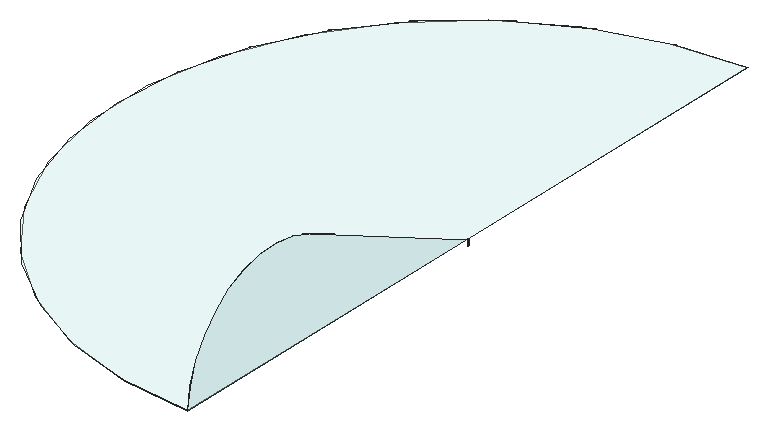
Revit family "Rotor Falvon 6504 Series - 6504FCSS", category Acessórios do tubo, Revit 2020
Family settings
  Cota do conector redondo = Utilizar diâmetro
  Tipo de parte = Normal
  Número OmniClass = 23.60.30.11.14
  Título OmniClass = Pipework Fittings
  Com base no plano de trabalho = Não
  Sempre na vertical = Sim
  Corte com vazios quando carregada = Não
  Compartilhado = Não
Parameters (values of type "Nozzle 18")
  Water = Water
  URL = "https://www.rainbird.com/"
  TABLE 90 = "TABLE 90psi"
  TABLE 80 = "TABLE 80psi"
  TABLE 70 = "TABLE 70psi"
  TABLE 60 = "TABLE 60psi"
  TABLE 50 = "TABLE 50psi"
  TABLE 40 = "TABLE 40psi"
  TABLE 30 = "TABLE 30psi"
  SupportProjetos: Reviw Date = ""  # constant formula
  SupportProjetos: Reviw = "R00"  # constant formula
  SupportProjetos: Level of Detail = "LOD 300"  # constant formula
  SupportProjetos: Developed = "MICHEL SOARES MOTA"  # constant formula
  SupportProjetos: Creation Date = "07/08/2020"  # constant formula
  Side inlet = no
  Rotation Water Visibility [instance] = Pop up on  # yes
  Rotation Angle [instance] = 180.00°
  RainBird: Product Link = "https://www.rainbird.com/"
  RainBird: Description = "FALCON 6504-FC-SS Rotor "  # constant formula
  RainBird: Comment [instance] = ""
  RainBird: Code = "B65511"  # constant formula
  Radius [instance] = if(and(Pressure = 30.0 psi, Instance < 3 ft), size_lookup(TABLE 30, "Radius", 0 ft, Instance), if(and(Pressure = 40.0 psi, Instance < 9 ft), size_lookup(TABLE 40, "Radius", 0 ft, Instance), if(and(Pressure = 50.0 psi, Instance < 9 ft), size_lookup(TABLE 50, "Radius", 0 ft, Instance), if(and(Pressure = 60.0 psi, Instance < 9 ft), size_lookup(TABLE 60, "Radius", 0 ft, Instance), if(and(Pressure = 70.0 psi, Instance < 9 ft), size_lookup(TABLE 70, "Radius", 0 ft, Instance), if(and(Pressure = 80.0 psi, Instance < 9 ft), size_lookup(TABLE 80, "Radius", 0 ft, Instance), if(and(Pressure = 90.0 psi, Instance > 7 ft), size_lookup(TABLE 90, "Radius", 600 ft, Instance), 0 ft)))))))  # 63 ft
  RT = 0.009893 ft
  RN = 0.032808 ft
  R5 = 0.03937 ft
  R4 = 0.04101 ft
  R3 = 0.065617 ft
  R2 = 0.075407 ft
  R1 = 0.032808 ft
  Pressure [instance] = 60.0 psi
  Pop up height = 0.334646 ft
  Pop up on [instance] = yes
  Modelo = "6504-FCSS"  # constant formula
  Instance = 8 ft
  H1 = Body height / 3  # 0.236333 ft
  Flow [instance] = if(and(Pressure = 30.0 psi, Instance < 3 ft), size_lookup(TABLE 30, "Flow", 0.0 GPM, Instance), if(and(Pressure = 40.0 psi, Instance < 9 ft), size_lookup(TABLE 40, "Flow", 0.0 GPM, Instance), if(and(Pressure = 50.0 psi, Instance < 9 ft), size_lookup(TABLE 50, "Flow", 0.0 GPM, Instance), if(and(Pressure = 60.0 psi, Instance < 9 ft), size_lookup(TABLE 60, "Flow", 0.0 GPM, Instance), if(and(Pressure = 70.0 psi, Instance < 9 ft), size_lookup(TABLE 70, "Flow", 0.0 GPM, Instance), if(and(Pressure = 80.0 psi, Instance < 9 ft), size_lookup(TABLE 80, "Flow", 0.0 GPM, Instance), if(and(Pressure = 90.0 psi, Instance > 7 ft), size_lookup(TABLE 90, "Flow", 0.0 GPM, Instance), 0.0 GPM)))))))  # 17.1 GPM
  Fabricante = "Rain Bird"
  Elevação padrão = 0 ft
  Description = RainBird: Description  # "FALCON 6504-FC-SS Rotor "
  DD13 = 0.002625 ft
  DD12 = 0.003937 ft
  DD11 = 0.009897 ft
  DD10 = 0.016404 ft
  DD8 [instance] = if(Pop up on, Pop up height, 0 ft)  # 0.334646 ft
  DD7 = 0.019685 ft
  DD6 [instance] = 0.016404 ft
  DD5 = 0.065617 ft
  DD4 = 0.032808 ft
  DD3 = 0.091048 ft
  DD2 [instance] = 0.024514 ft
  DD9 [instance] = if(Pop up on, Pop up height + 0.049541 ft, 0 ft)  # 0.384186 ft
  DD1 = 0.006562 ft
  Conection = 0.062664 ft  # constant formula
  Body height = 0.709 ft  # constant formula
  Blue = Blue Plastic
  Black Plastic = Black Plastic
  Angle = 25.00°
Types (9, lengths in ft): name | Radius | Pressure | Instance | Flow
  (no name) | 63 | 60.0 psi | 8 | 17.1 GPM
  Nozzle 4 | 43 | 80.0 psi | 1 | 4.6 GPM
  Nozzle 6 | 49 | 80.0 psi | 2 | 4.9 GPM
  Nozzle 8 | 53 | 80.0 psi | 3 | 9.4 GPM
  Nozzle 10 | 55 | 80.0 psi | 4 | 11.6 GPM
  Nozzle 12 | 61 | 80.0 psi | 5 | 14.0 GPM
  Tipo 14 | 61 | 80.0 psi | 6 | 16.2 GPM
  Nozzle 16 | 63 | 80.0 psi | 7 | 18.1 GPM
  Nozzle 18 | 63 | 60.0 psi | 8 | 17.1 GPM
Reference planes (ft)
  plane 1 "Centro (Frente/Trás)": y = 0
  plane 2: z = 0
  plane 3 "Centro (Esquerda/Direita)": x = 0
  plane 4: z = 0.003937
  plane 5: z = 0.002625
  plane 6: y = -0.065617
Forms (ft)
  Revolve 1, solid, material "Black Plastic" <- "Black Plastic"
    sketch origin (0, 0, 0) x (1, 0, 0) y (0, 0, 1)
      loop
        line (0.075407, -0.091048) -> (0.075407, -0.035324)
        arc (0.075407, -0.035324) -> (0.072509, -0.028329) -> (0.065514, -0.025431) r 0.009893
        line (0.065514, -0.025431) -> (0.046098, -0.025431) -> (0.046098, 0) -> (0.03937, 0) -> (0.03937, -0.334646) -> (0.019685, -0.334646) -> (0.019685, -0.702438) -> (0.032808, -0.702438) -> (0.032808, -0.709) -> (0.04101, -0.709) -> (0.04101, -0.702438) -> (0.055724, -0.702438)
        arc (0.055724, -0.702438) -> (0.062719, -0.699541) -> (0.065617, -0.692545) r 0.009893
        line (0.065617, -0.692545) -> (0.065617, -0.091048) -> (0.075407, -0.091048)
      axis (0, -0.709) -> (0, 0)
    angle from 0 to 360
  Extrusion 2, solid, material "Black Plastic" <- "Black Plastic"
    sketch origin (0, 0, 0) x (1, 0, 0) y (0, 1, 0)
      loop
        circle (0, 0) r 0.032808
    from -0.334646 to 0.334646
  Extrusion 3, void
    sketch origin (0, 0, 0) x (1, 0, 0) y (0, 1, 0)
      loop
        circle (0, 0) r 0.022844
    from -0.334646 to 0.334646
  Revolve 4, solid, material "Black Plastic" <- "Black Plastic"
    sketch origin (0, 0, 0) x (1, 0, 0) y (0, 0, 1)
      loop
        line (0, 0.334646) -> (0.037004, 0.334646) -> (0.037004, 0.344543)
        arc (0.037004, 0.344543) -> (0.01879, 0.349436) -> (0, 0.35105) r 0.10685
        line (0, 0.35105) -> (0, 0.334646)
      axis (0, 0.334646) -> (0, 0.35105)
    angle from 0 to 360
  Extrusion 5, solid, material "Blue Plastic" <- "Blue"
    sketch origin (0, 0, 0) x (1, 0, 0) y (0, 0, 1)
      loop
        circle (0, 0.310131) r 0.009129
      loop
        circle (0, 0.310131) r 0.004793
    from 0 to 0.034386
  Extrusion 6, void
    sketch origin (0, 0, 0) x (1, 0, 0) y (0, 0, 1)
      loop
        line (-0.02074, 0.328055) -> (-0.02074, 0.282426) -> (0.020672, 0.282426) -> (0.020672, 0.328055) -> (-0.02074, 0.328055)
      loop
        line (-0.018439, 0.325179) -> (-0.018439, 0.285685) -> (0.018179, 0.285685) -> (0.018179, 0.325179) -> (-0.018439, 0.325179)
    from 0.024556 to 0.06931
  Extrusion 7, solid, material "Black Plastic" <- "Black Plastic"
    sketch origin (0, 0, 0) x (1, 0, 0) y (0, 0, 1)
      loop
        line (0.046098, 0) -> (0.046098, -0.036876) -> (0.073493, -0.036876) -> (0.046098, 0)
    from -0.002998 to 0.002998
  Extrusion 8, solid, material "Black Plastic" <- "Black Plastic"
    sketch origin (0, 0, 0) x (-1, 0, 0) y (0, 0, -1)
      loop
        line (0.046098, 0) -> (0.073493, 0.036876) -> (0.046098, 0.036876) -> (0.046098, 0)
    from -0.002998 to 0.002998
  Extrusion 9, solid, material "Black Plastic" <- "Black Plastic"
    sketch origin (0, 0, 0) x (0.866025, 0.5, 0) y (0, 0, 1)
      loop
        line (0.046098, 0) -> (0.046098, -0.036876) -> (0.073493, -0.036876) -> (0.046098, 0)
    from -0.002998 to 0.002998
  Extrusion 10, solid, material "Black Plastic" <- "Black Plastic"
    sketch origin (0, 0, 0) x (-0.866025, -0.5, 0) y (0, 0, -1)
      loop
        line (0.046098, 0) -> (0.073493, 0.036876) -> (0.046098, 0.036876) -> (0.046098, 0)
    from -0.002998 to 0.002998
  Extrusion 11, solid, material "Black Plastic" <- "Black Plastic"
    sketch origin (0, 0, 0) x (0, 1, 0) y (0, 0, 1)
      loop
        line (0.046098, 0) -> (0.046098, -0.036876) -> (0.073493, -0.036876) -> (0.046098, 0)
    from -0.002998 to 0.002998
  Extrusion 12, solid, material "Black Plastic" <- "Black Plastic"
    sketch origin (0, 0, 0) x (0, -1, 0) y (0, 0, -1)
      loop
        line (0.046098, 0) -> (0.073493, 0.036876) -> (0.046098, 0.036876) -> (0.046098, 0)
    from -0.002998 to 0.002998
  Extrusion 13, solid, material "Black Plastic" <- "Black Plastic"
    sketch origin (0, 0, 0) x (0.5, 0.866025, 0) y (0, 0, 1)
      loop
        line (0.046098, 0) -> (0.046098, -0.036876) -> (0.073493, -0.036876) -> (0.046098, 0)
    from -0.002998 to 0.002998
  Extrusion 14, solid, material "Black Plastic" <- "Black Plastic"
    sketch origin (0, 0, 0) x (-0.5, -0.866025, 0) y (0, 0, -1)
      loop
        line (0.046098, 0) -> (0.073493, 0.036876) -> (0.046098, 0.036876) -> (0.046098, 0)
    from -0.002998 to 0.002998
  Extrusion 15, solid, material "Black Plastic" <- "Black Plastic"
    sketch origin (0, 0, 0) x (-0.5, 0.866025, 0) y (0, 0, 1)
      loop
        line (0.046098, 0) -> (0.046098, -0.036876) -> (0.073493, -0.036876) -> (0.046098, 0)
    from -0.002998 to 0.002998
  Extrusion 16, solid, material "Black Plastic" <- "Black Plastic"
    sketch origin (0, 0, 0) x (0.5, -0.866025, 0) y (0, 0, -1)
      loop
        line (0.046098, 0) -> (0.073493, 0.036876) -> (0.046098, 0.036876) -> (0.046098, 0)
    from -0.002998 to 0.002998
  Extrusion 17, solid, material "Black Plastic" <- "Black Plastic"
    sketch origin (0, 0, 0) x (-0.866025, 0.5, 0) y (0, 0, 1)
      loop
        line (0.046098, 0) -> (0.046098, -0.036876) -> (0.073493, -0.036876) -> (0.046098, 0)
    from -0.002998 to 0.002998
  Extrusion 18, solid, material "Black Plastic" <- "Black Plastic"
    sketch origin (0, 0, 0) x (0.866025, -0.5, 0) y (0, 0, -1)
      loop
        line (0.046098, 0) -> (0.073493, 0.036876) -> (0.046098, 0.036876) -> (0.046098, 0)
    from -0.002998 to 0.002998
  Extrusion 19, void
    sketch origin (0, 0, 0) x (1, 0, 0) y (0, 1, 0)
      loop
        line (-0.002998, 0.077702) -> (-0.002998, 0.071655) -> (0.002998, 0.071655) -> (0.002998, 0.077702) -> (-0.002998, 0.077702)
    from -0.091048 to 0.82021
  Extrusion 20, void
    sketch origin (0, 0, 0) x (1, 0, 0) y (0, 1, 0)
      loop
        line (0.002998, -0.077702) -> (0.002998, -0.071655) -> (-0.002998, -0.071655) -> (-0.002998, -0.077702) -> (0.002998, -0.077702)
    from -0.091048 to 0.82021
  Extrusion 21, void
    sketch origin (0, 0, 0) x (0.965926, 0.258819, 0) y (-0.258819, 0.965926, 0)
      loop
        line (-0.002998, 0.077702) -> (-0.002998, 0.071655) -> (0.002998, 0.071655) -> (0.002998, 0.077702) -> (-0.002998, 0.077702)
    from -0.091048 to 0.82021
  Extrusion 22, void
    sketch origin (0, 0, 0) x (0.965926, 0.258819, 0) y (-0.258819, 0.965926, 0)
      loop
        line (0.002998, -0.077702) -> (0.002998, -0.071655) -> (-0.002998, -0.071655) -> (-0.002998, -0.077702) -> (0.002998, -0.077702)
    from -0.091048 to 0.82021
  Extrusion 23, void
    sketch origin (0, 0, 0) x (0.866025, 0.5, 0) y (-0.5, 0.866025, 0)
      loop
        line (-0.002998, 0.077702) -> (-0.002998, 0.071655) -> (0.002998, 0.071655) -> (0.002998, 0.077702) -> (-0.002998, 0.077702)
    from -0.091048 to 0.82021
  Extrusion 24, void
    sketch origin (0, 0, 0) x (0.866025, 0.5, 0) y (-0.5, 0.866025, 0)
      loop
        line (0.002998, -0.077702) -> (0.002998, -0.071655) -> (-0.002998, -0.071655) -> (-0.002998, -0.077702) -> (0.002998, -0.077702)
    from -0.091048 to 0.82021
  Extrusion 25, void
    sketch origin (0, 0, 0) x (0.5, 0.866025, 0) y (-0.866025, 0.5, 0)
      loop
        line (-0.002998, 0.077702) -> (-0.002998, 0.071655) -> (0.002998, 0.071655) -> (0.002998, 0.077702) -> (-0.002998, 0.077702)
    from -0.091048 to 0.82021
  Extrusion 26, void
    sketch origin (0, 0, 0) x (0.5, 0.866025, 0) y (-0.866025, 0.5, 0)
      loop
        line (0.002998, -0.077702) -> (0.002998, -0.071655) -> (-0.002998, -0.071655) -> (-0.002998, -0.077702) -> (0.002998, -0.077702)
    from -0.091048 to 0.82021
  Extrusion 27, void
    sketch origin (0, 0, 0) x (0.707107, 0.707107, 0) y (-0.707107, 0.707107, 0)
      loop
        line (-0.002998, 0.077702) -> (-0.002998, 0.071655) -> (0.002998, 0.071655) -> (0.002998, 0.077702) -> (-0.002998, 0.077702)
    from -0.091048 to 0.82021
  Extrusion 28, void
    sketch origin (0, 0, 0) x (0.707107, 0.707107, 0) y (-0.707107, 0.707107, 0)
      loop
        line (0.002998, -0.077702) -> (0.002998, -0.071655) -> (-0.002998, -0.071655) -> (-0.002998, -0.077702) -> (0.002998, -0.077702)
    from -0.091048 to 0.82021
  Extrusion 29, void
    sketch origin (0, 0, 0) x (0.258819, 0.965926, 0) y (-0.965926, 0.258819, 0)
      loop
        line (-0.002998, 0.077702) -> (-0.002998, 0.071655) -> (0.002998, 0.071655) -> (0.002998, 0.077702) -> (-0.002998, 0.077702)
    from -0.091048 to 0.82021
  Extrusion 30, void
    sketch origin (0, 0, 0) x (0.258819, 0.965926, 0) y (-0.965926, 0.258819, 0)
      loop
        line (0.002998, -0.077702) -> (0.002998, -0.071655) -> (-0.002998, -0.071655) -> (-0.002998, -0.077702) -> (0.002998, -0.077702)
    from -0.091048 to 0.82021
  Extrusion 31, void
    sketch origin (0, 0, 0) x (0, 1, 0) y (-1, 0, 0)
      loop
        line (-0.002998, 0.077702) -> (-0.002998, 0.071655) -> (0.002998, 0.071655) -> (0.002998, 0.077702) -> (-0.002998, 0.077702)
    from -0.091048 to 0.82021
  Extrusion 32, void
    sketch origin (0, 0, 0) x (0, 1, 0) y (-1, 0, 0)
      loop
        line (0.002998, -0.077702) -> (0.002998, -0.071655) -> (-0.002998, -0.071655) -> (-0.002998, -0.077702) -> (0.002998, -0.077702)
    from -0.091048 to 0.82021
  Extrusion 33, void
    sketch origin (0, 0, 0) x (-0.258819, 0.965926, 0) y (-0.965926, -0.258819, 0)
      loop
        line (-0.002998, 0.077702) -> (-0.002998, 0.071655) -> (0.002998, 0.071655) -> (0.002998, 0.077702) -> (-0.002998, 0.077702)
    from -0.091048 to 0.82021
  Extrusion 34, void
    sketch origin (0, 0, 0) x (-0.258819, 0.965926, 0) y (-0.965926, -0.258819, 0)
      loop
        line (0.002998, -0.077702) -> (0.002998, -0.071655) -> (-0.002998, -0.071655) -> (-0.002998, -0.077702) -> (0.002998, -0.077702)
    from -0.091048 to 0.82021
  Extrusion 35, void
    sketch origin (0, 0, 0) x (-0.5, 0.866025, 0) y (-0.866025, -0.5, 0)
      loop
        line (-0.002998, 0.077702) -> (-0.002998, 0.071655) -> (0.002998, 0.071655) -> (0.002998, 0.077702) -> (-0.002998, 0.077702)
    from -0.091048 to 0.82021
  Extrusion 36, void
    sketch origin (0, 0, 0) x (-0.5, 0.866025, 0) y (-0.866025, -0.5, 0)
      loop
        line (0.002998, -0.077702) -> (0.002998, -0.071655) -> (-0.002998, -0.071655) -> (-0.002998, -0.077702) -> (0.002998, -0.077702)
    from -0.091048 to 0.82021
  Extrusion 37, void
    sketch origin (0, 0, 0) x (-0.707107, 0.707107, 0) y (-0.707107, -0.707107, 0)
      loop
        line (-0.002998, 0.077702) -> (-0.002998, 0.071655) -> (0.002998, 0.071655) -> (0.002998, 0.077702) -> (-0.002998, 0.077702)
    from -0.091048 to 0.82021
  Extrusion 38, void
    sketch origin (0, 0, 0) x (-0.707107, 0.707107, 0) y (-0.707107, -0.707107, 0)
      loop
        line (0.002998, -0.077702) -> (0.002998, -0.071655) -> (-0.002998, -0.071655) -> (-0.002998, -0.077702) -> (0.002998, -0.077702)
    from -0.091048 to 0.82021
  Extrusion 39, void
    sketch origin (0, 0, 0) x (-0.866025, 0.5, 0) y (-0.5, -0.866025, 0)
      loop
        line (-0.002998, 0.077702) -> (-0.002998, 0.071655) -> (0.002998, 0.071655) -> (0.002998, 0.077702) -> (-0.002998, 0.077702)
    from -0.091048 to 0.82021
  Extrusion 40, void
    sketch origin (0, 0, 0) x (-0.866025, 0.5, 0) y (-0.5, -0.866025, 0)
      loop
        line (0.002998, -0.077702) -> (0.002998, -0.071655) -> (-0.002998, -0.071655) -> (-0.002998, -0.077702) -> (0.002998, -0.077702)
    from -0.091048 to 0.82021
  Extrusion 41, void
    sketch origin (0, 0, 0) x (-0.965926, 0.258819, 0) y (-0.258819, -0.965926, 0)
      loop
        line (-0.002998, 0.077702) -> (-0.002998, 0.071655) -> (0.002998, 0.071655) -> (0.002998, 0.077702) -> (-0.002998, 0.077702)
    from -0.091048 to 0.82021
  Extrusion 42, void
    sketch origin (0, 0, 0) x (-0.965926, 0.258819, 0) y (-0.258819, -0.965926, 0)
      loop
        line (0.002998, -0.077702) -> (0.002998, -0.071655) -> (-0.002998, -0.071655) -> (-0.002998, -0.077702) -> (0.002998, -0.077702)
    from -0.091048 to 0.82021
  Extrusion 43, solid, material "Water" <- "Water", visible <- "Rotation Water Visibility"
    sketch origin (0, 0, 0) x (0, 1, 0) y (0, 0, 1)
      loop
        line (-0.032808, 0.310131) -> (-35.615202, 16.902474)
        arc (-35.615202, 16.902474) -> (-53.751991, 15.923219) -> (-63.032808, 0.310131) r 19.287003
        line (-63.032808, 0.310131) -> (-0.032808, 0.310131)
    from -0.008202 to 0.008202
Cuts and joins
  Extrusion 3, Extrusion 6 cuts Extrusion 2
  Extrusion 19, Extrusion 20, Extrusion 21, Extrusion 22, Extrusion 23, Extrusion 24, Extrusion 25, Extrusion 26, Extrusion 27, Extrusion 28, Extrusion 29, Extrusion 30, Extrusion 31, Extrusion 32, Extrusion 33, Extrusion 34, Extrusion 35, Extrusion 36, Extrusion 37, Extrusion 38, Extrusion 39, Extrusion 40, Extrusion 41, Extrusion 42 cuts Revolve 1
Dimensions and locks (ft)
  "Body height": level to Revolve 1 sketch curve
  "R2": Revolve 1 sketch curve to plane 3 "Centro (Esquerda/Direita)"
  "DD1": Revolve 1 sketch curve to Revolve 1 sketch curve
  "DD3": level to Revolve 1 sketch curve
  Revolve 1 sketch curve to plane 3 "Centro (Esquerda/Direita)" = 0.065617 ft
  "R4": Revolve 1 sketch curve to plane 3 "Centro (Esquerda/Direita)"
  "RN": Revolve 1 sketch curve to plane 3 "Centro (Esquerda/Direita)"
  "Pop up height": level to Revolve 1 sketch curve
  "R5": plane 3 "Centro (Esquerda/Direita)" to Revolve 1 sketch curve
  "DD7": Revolve 1 sketch curve to plane 3 "Centro (Esquerda/Direita)"
  "DD8": Extrusion 2 to level
  "DD12": plane 4 to level
  "DD13": plane 5 to level
  "R3": plane 6 to plane 1 "Centro (Frente/Trás)"
  "DD5": Revolve 1 sketch curve to Revolve 1 sketch curve
  "DD10": Revolve 4 sketch curve to Revolve 4 sketch curve
  "DD11": Revolve 4 sketch curve to Revolve 4 sketch curve
  "DD2": Revolve 4 to Extrusion 5 sketch curve  (x2)
  Extrusion 7 to plane 3 "Centro (Esquerda/Direita)" = 0.046098 ft
  equal spacing: Extrusion 7, plane 1 "Centro (Frente/Trás)", Extrusion 7
  Extrusion 8 to Extrusion 8 = 0.005995 ft
  Extrusion 9 to Extrusion 9 = 0.005995 ft
  Extrusion 20 sketch curve to Extrusion 20 sketch curve = 0.005995 ft
  Extrusion 22 sketch curve to Extrusion 22 sketch curve = 0.005995 ft
  Extrusion 24 sketch curve to Extrusion 24 sketch curve = 0.005995 ft
  Extrusion 26 sketch curve to Extrusion 26 sketch curve = 0.005995 ft
  Extrusion 28 sketch curve to Extrusion 28 sketch curve = 0.005995 ft
  Extrusion 30 sketch curve to Extrusion 30 sketch curve = 0.005995 ft
  Extrusion 32 sketch curve to Extrusion 32 sketch curve = 0.005995 ft
  Extrusion 34 sketch curve to Extrusion 34 sketch curve = 0.005995 ft
  Extrusion 36 sketch curve to Extrusion 36 sketch curve = 0.005995 ft
  Extrusion 38 sketch curve to Extrusion 38 sketch curve = 0.005995 ft
  Extrusion 40 sketch curve to Extrusion 40 sketch curve = 0.005995 ft
  Extrusion 42 sketch curve to Extrusion 42 sketch curve = 0.005995 ft
  "DD4": plane 1 "Centro (Frente/Trás)" to Extrusion 43 sketch curve
  "DD2": Revolve 4 to Extrusion 43 sketch curve
  "Radius": Extrusion 43 sketch curve to Extrusion 43 sketch curve
  equal spacing: Extrusion 43, plane 3 "Centro (Esquerda/Direita)", Extrusion 43
  "DD6": Extrusion 43 to Extrusion 43
  "DD2": Revolve 4 to nested 1
  "RT": radius of Revolve 1 sketch curve  (x2)
  "R1": radius of Extrusion 2 sketch curve
  "Angle": angle Extrusion 43 sketch curve to Extrusion 43 sketch curve
  aligned and locked: level to plane 2
  aligned and locked: Revolve 1 sketch curve to Revolve 1 sketch curve
  aligned and locked: Extrusion 2 to Revolve 1
  aligned and locked: cut or joined group of Extrusion 2, Extrusion 3, Extrusion 6 to cut or joined group of Extrusion 2, Extrusion 3, Extrusion 6  (x2)
  aligned and locked: Revolve 4 sketch curve to cut or joined group of Extrusion 2, Extrusion 3, Extrusion 6
  aligned and locked: Extrusion 20 to Revolve 1
  aligned and locked: Extrusion 22 to Revolve 1
  aligned and locked: Extrusion 24 to Revolve 1
  aligned and locked: Extrusion 28 to Revolve 1
  aligned and locked: Extrusion 26 to Revolve 1
  aligned and locked: Extrusion 30 to Revolve 1
  aligned and locked: Extrusion 32 to Revolve 1
  aligned and locked: Extrusion 34 to Revolve 1
  aligned and locked: Revolve 1 to Extrusion 36
  aligned and locked: Revolve 1 to Extrusion 38
  aligned and locked: Extrusion 41 to Revolve 1
  aligned and locked: Extrusion 39 to Revolve 1
  aligned and locked: Extrusion 37 to Revolve 1
  aligned and locked: Extrusion 35 to Revolve 1
  aligned and locked: Extrusion 33 to Revolve 1
  aligned and locked: Extrusion 31 to Revolve 1
  aligned and locked: Extrusion 29 to Revolve 1
  aligned and locked: Revolve 1 to Extrusion 25
  aligned and locked: Revolve 1 to Extrusion 27
  aligned and locked: Revolve 1 to Extrusion 19
  aligned and locked: Revolve 1 to Extrusion 21
  aligned and locked: Revolve 1 to Extrusion 42
  aligned and locked: Revolve 1 to Extrusion 40
  aligned and locked: Revolve 1 to Extrusion 23
Automatic sketch dimensions
  plane 1 "Centro (Frente/Trás)" to Extrusion 2 sketch curve = 0 ft
  Extrusion 2 sketch curve to plane 3 "Centro (Esquerda/Direita)" = 0 ft
  plane 1 "Centro (Frente/Trás)" to Extrusion 3 sketch curve = 0 ft
  Extrusion 3 sketch curve to plane 3 "Centro (Esquerda/Direita)" = 0 ft
  Revolve 4 sketch curve to plane 3 "Centro (Esquerda/Direita)" = 0 ft  (x2)
  plane 3 "Centro (Esquerda/Direita)" to Revolve 4 sketch curve = 0.000284 ft
  plane 3 "Centro (Esquerda/Direita)" to Revolve 4 sketch curve = 0.037004 ft
  Revolve 4 sketch curve to Revolve 4 sketch curve = 0.015719 ft
  Revolve 4 sketch curve to Revolve 4 sketch curve = 0.114829 ft
  Extrusion 5 sketch curve to Extrusion 5 sketch curve = 0 ft
  Extrusion 5 sketch curve to plane 3 "Centro (Esquerda/Direita)" = 0 ft
  Extrusion 6 sketch curve to plane 3 "Centro (Esquerda/Direita)" = 0.02074 ft
  Extrusion 6 sketch curve to Extrusion 6 sketch curve = 0.002301 ft
  plane 3 "Centro (Esquerda/Direita)" to Extrusion 6 sketch curve = 0.018179 ft
  Extrusion 6 sketch curve to Extrusion 6 sketch curve = 0.002492 ft
  plane 4 to Extrusion 6 sketch curve = 0.278489 ft
  Extrusion 6 sketch curve to Extrusion 6 sketch curve = 0.003259 ft
  Extrusion 6 sketch curve to Extrusion 6 sketch curve = 0.039494 ft
  Extrusion 6 sketch curve to Extrusion 6 sketch curve = 0.002876 ft
  Extrusion 7 sketch curve to level = 0 ft
  plane 3 "Centro (Esquerda/Direita)" to Extrusion 7 sketch curve = 0.046098 ft
  Extrusion 7 sketch curve to Extrusion 7 sketch curve = 0.027396 ft
  Extrusion 7 sketch curve to Extrusion 7 sketch curve = 0.036876 ft
  Extrusion 8 sketch curve to level = 0 ft
  plane 3 "Centro (Esquerda/Direita)" to Extrusion 8 sketch curve = 0.046098 ft
  Extrusion 8 sketch curve to Extrusion 8 sketch curve = 0.027396 ft
  Extrusion 8 sketch curve to Extrusion 8 sketch curve = 0.036876 ft
  Extrusion 9 sketch curve to level = 0 ft
  Extrusion 9 sketch curve to level = 0.036876 ft
  Extrusion 9 sketch curve to Extrusion 9 sketch curve = 0.027396 ft
  Extrusion 10 sketch curve to level = 0 ft
  Extrusion 10 sketch curve to level = 0.036876 ft
  Extrusion 10 sketch curve to Extrusion 10 sketch curve = 0.027396 ft
  Extrusion 11 sketch curve to level = 0 ft
  Extrusion 11 sketch curve to plane 1 "Centro (Frente/Trás)" = 0.046098 ft
  Extrusion 11 sketch curve to Extrusion 11 sketch curve = 0.027396 ft
  Extrusion 11 sketch curve to Extrusion 11 sketch curve = 0.036876 ft
  Extrusion 12 sketch curve to level = 0 ft
  plane 6 to Extrusion 12 sketch curve = 0.019519 ft
  Extrusion 12 sketch curve to plane 6 = 0.007877 ft
  Extrusion 12 sketch curve to level = 0.036876 ft
  Extrusion 13 sketch curve to level = 0 ft
  Extrusion 13 sketch curve to level = 0.036876 ft
  Extrusion 13 sketch curve to Extrusion 13 sketch curve = 0.027396 ft
  Extrusion 14 sketch curve to level = 0 ft
  Extrusion 14 sketch curve to level = 0.036876 ft
  Extrusion 14 sketch curve to Extrusion 14 sketch curve = 0.027396 ft
  level to Extrusion 15 sketch curve = 0 ft
  Extrusion 15 sketch curve to level = 0.036876 ft
  Extrusion 15 sketch curve to Extrusion 15 sketch curve = 0.027396 ft
  level to Extrusion 16 sketch curve = 0 ft
  Extrusion 16 sketch curve to level = 0.036876 ft
  Extrusion 16 sketch curve to Extrusion 16 sketch curve = 0.027396 ft
  level to Extrusion 17 sketch curve = 0 ft
  Extrusion 17 sketch curve to level = 0.036876 ft
  Extrusion 17 sketch curve to Extrusion 17 sketch curve = 0.027396 ft
  level to Extrusion 18 sketch curve = 0 ft
  Extrusion 18 sketch curve to level = 0.036876 ft
  Extrusion 18 sketch curve to Extrusion 18 sketch curve = 0.027396 ft
  Extrusion 19 sketch curve to plane 3 "Centro (Esquerda/Direita)" = 0.002998 ft
  Extrusion 19 sketch curve to plane 1 "Centro (Frente/Trás)" = 0.071655 ft
  Extrusion 19 sketch curve to Extrusion 19 sketch curve = 0.006047 ft
  plane 3 "Centro (Esquerda/Direita)" to Extrusion 20 sketch curve = 0.002998 ft
  plane 6 to Extrusion 20 sketch curve = 0.006038 ft
  Extrusion 20 sketch curve to Extrusion 20 sketch curve = 0.006047 ft
  plane 3 "Centro (Esquerda/Direita)" to Extrusion 19 sketch curve = 0.002998 ft
  Extrusion 21 sketch curve to plane 3 "Centro (Esquerda/Direita)" = 0.021441 ft
  Extrusion 21 sketch curve to plane 1 "Centro (Frente/Trás)" = 0.068438 ft
  Extrusion 21 sketch curve to Extrusion 21 sketch curve = 0.005995 ft
  Extrusion 21 sketch curve to Extrusion 21 sketch curve = 0.006047 ft
  Extrusion 22 sketch curve to plane 6 = 0.010213 ft
  plane 3 "Centro (Esquerda/Direita)" to Extrusion 22 sketch curve = 0.017215 ft
  Extrusion 22 sketch curve to Extrusion 22 sketch curve = 0.006047 ft
  Extrusion 23 sketch curve to plane 3 "Centro (Esquerda/Direita)" = 0.038424 ft
  Extrusion 23 sketch curve to plane 1 "Centro (Frente/Trás)" = 0.060556 ft
  Extrusion 23 sketch curve to Extrusion 23 sketch curve = 0.005995 ft
  Extrusion 23 sketch curve to Extrusion 23 sketch curve = 0.006047 ft
  Extrusion 24 sketch curve to plane 6 = 0.003174 ft
  plane 3 "Centro (Esquerda/Direita)" to Extrusion 24 sketch curve = 0.036255 ft
  Extrusion 24 sketch curve to Extrusion 24 sketch curve = 0.006047 ft
  Extrusion 25 sketch curve to plane 1 "Centro (Frente/Trás)" = 0.033231 ft
  Extrusion 25 sketch curve to plane 3 "Centro (Esquerda/Direita)" = 0.063554 ft
  Extrusion 25 sketch curve to Extrusion 25 sketch curve = 0.005995 ft
  Extrusion 25 sketch curve to Extrusion 25 sketch curve = 0.006047 ft
  Extrusion 26 sketch curve to plane 6 = 0.02417 ft
  Extrusion 26 sketch curve to plane 3 "Centro (Esquerda/Direita)" = 0.065793 ft
  Extrusion 26 sketch curve to Extrusion 26 sketch curve = 0.006047 ft
  Extrusion 27 sketch curve to plane 1 "Centro (Frente/Trás)" = 0.048548 ft
  Extrusion 27 sketch curve to plane 3 "Centro (Esquerda/Direita)" = 0.052787 ft
  Extrusion 27 sketch curve to Extrusion 27 sketch curve = 0.005995 ft
  Extrusion 27 sketch curve to Extrusion 27 sketch curve = 0.006047 ft
  plane 6 to Extrusion 28 sketch curve = 0.008554 ft
  plane 3 "Centro (Esquerda/Direita)" to Extrusion 28 sketch curve = 0.052824 ft
  Extrusion 28 sketch curve to Extrusion 28 sketch curve = 0.006047 ft
  Extrusion 29 sketch curve to plane 1 "Centro (Frente/Trás)" = 0.01565 ft
  Extrusion 29 sketch curve to plane 3 "Centro (Esquerda/Direita)" = 0.069989 ft
  Extrusion 29 sketch curve to Extrusion 29 sketch curve = 0.005995 ft
  Extrusion 29 sketch curve to Extrusion 29 sketch curve = 0.006047 ft
  plane 1 "Centro (Frente/Trás)" to Extrusion 30 sketch curve = 0.023006 ft
  plane 3 "Centro (Esquerda/Direita)" to Extrusion 30 sketch curve = 0.074278 ft
  Extrusion 30 sketch curve to Extrusion 30 sketch curve = 0.006047 ft
  plane 1 "Centro (Frente/Trás)" to Extrusion 31 sketch curve = 0.002998 ft
  Extrusion 31 sketch curve to plane 1 "Centro (Frente/Trás)" = 0.002998 ft
  Extrusion 31 sketch curve to plane 3 "Centro (Esquerda/Direita)" = 0.071655 ft
  Extrusion 31 sketch curve to Extrusion 31 sketch curve = 0.006047 ft
  plane 1 "Centro (Frente/Trás)" to Extrusion 32 sketch curve = 0.002998 ft
  plane 3 "Centro (Esquerda/Direita)" to Extrusion 32 sketch curve = 0.077702 ft
  Extrusion 32 sketch curve to Extrusion 32 sketch curve = 0.006047 ft
  plane 1 "Centro (Frente/Trás)" to Extrusion 33 sketch curve = 0.021441 ft
  Extrusion 33 sketch curve to plane 3 "Centro (Esquerda/Direita)" = 0.068438 ft
  Extrusion 33 sketch curve to Extrusion 33 sketch curve = 0.005995 ft
  Extrusion 33 sketch curve to Extrusion 33 sketch curve = 0.006047 ft
  Extrusion 34 sketch curve to plane 1 "Centro (Frente/Trás)" = 0.017215 ft
  plane 3 "Centro (Esquerda/Direita)" to Extrusion 34 sketch curve = 0.07583 ft
  Extrusion 34 sketch curve to Extrusion 34 sketch curve = 0.006047 ft
  plane 6 to Extrusion 35 sketch curve = 0.027193 ft
  Extrusion 35 sketch curve to plane 3 "Centro (Esquerda/Direita)" = 0.060556 ft
  Extrusion 35 sketch curve to Extrusion 35 sketch curve = 0.005995 ft
  Extrusion 35 sketch curve to Extrusion 35 sketch curve = 0.006047 ft
  Extrusion 36 sketch curve to plane 1 "Centro (Frente/Trás)" = 0.036255 ft
  plane 3 "Centro (Esquerda/Direita)" to Extrusion 36 sketch curve = 0.068791 ft
  Extrusion 36 sketch curve to Extrusion 36 sketch curve = 0.006047 ft
  plane 6 to Extrusion 37 sketch curve = 0.012829 ft
  Extrusion 37 sketch curve to plane 3 "Centro (Esquerda/Direita)" = 0.048548 ft
  Extrusion 37 sketch curve to Extrusion 37 sketch curve = 0.005995 ft
  Extrusion 37 sketch curve to Extrusion 37 sketch curve = 0.006047 ft
  Extrusion 38 sketch curve to plane 1 "Centro (Frente/Trás)" = 0.052824 ft
  plane 3 "Centro (Esquerda/Direita)" to Extrusion 38 sketch curve = 0.057063 ft
  Extrusion 38 sketch curve to Extrusion 38 sketch curve = 0.006047 ft
  plane 6 to Extrusion 39 sketch curve = 0.002063 ft
  Extrusion 39 sketch curve to plane 3 "Centro (Esquerda/Direita)" = 0.033231 ft
  Extrusion 39 sketch curve to Extrusion 39 sketch curve = 0.005995 ft
  Extrusion 39 sketch curve to Extrusion 39 sketch curve = 0.006047 ft
  plane 3 "Centro (Esquerda/Direita)" to Extrusion 40 sketch curve = 0.041447 ft
  Extrusion 40 sketch curve to plane 1 "Centro (Frente/Trás)" = 0.065793 ft
  Extrusion 40 sketch curve to Extrusion 40 sketch curve = 0.006047 ft
  Extrusion 41 sketch curve to plane 6 = 0.004372 ft
  Extrusion 41 sketch curve to plane 3 "Centro (Esquerda/Direita)" = 0.01565 ft
  Extrusion 41 sketch curve to Extrusion 41 sketch curve = 0.005995 ft
  Extrusion 41 sketch curve to Extrusion 41 sketch curve = 0.006047 ft
  plane 3 "Centro (Esquerda/Direita)" to Extrusion 42 sketch curve = 0.023006 ft
  Extrusion 42 sketch curve to plane 1 "Centro (Frente/Trás)" = 0.074278 ft
  Extrusion 42 sketch curve to Extrusion 42 sketch curve = 0.006047 ft
  Revolve 1 sketch curve to plane 3 "Centro (Esquerda/Direita)" = 0 ft
  Revolve 1 sketch curve to level = 0 ft
  Revolve 1 sketch curve to Revolve 1 sketch curve = 0.019416 ft
  plane 4 to Revolve 1 sketch curve = 0.079347 ft
  Revolve 1 sketch curve to Revolve 1 sketch curve = 0.918635 ft
  Extrusion 43 sketch curve to level = 0.577487 ft
  radius of Extrusion 3 sketch curve = 0.022844 ft
  radius of Extrusion 5 sketch curve = 0.009129 ft
  radius of Extrusion 5 sketch curve = 0.004793 ft
Nested families (ft)
  nested 1: "Water" at (0.00013, 0, 0.190874) x (0, -1, 0) z (0, 0, 1), DT9 <- "DD4", Radius <- "Radius", visible <- "Rotation Water Visibility", Rotation Angle <- "Rotation Angle", type "Water"
    with Rotation Angle 180.00°, Radius 63 ft, DT9 0.032808 ft, DT8 0 ft, DT7 252 ft, DT4 315 ft, Angle 2 180.00°
Connectors (ft)
  piping at (0, 0, -0.709), diameter 2
    settings: on cut or joined group of Revolve 1, Extrusion 19, Extrusion 20, Extrusion 21, Extrusion 22, Extrusion 23, Extrusion 24, Extrusion 25, Extrusion 26, Extrusion 27, Extrusion 28, Extrusion 29, Extrusion 30, Extrusion 31, Extrusion 32, Extrusion 33, Extrusion 34, Extrusion 35, Extrusion 36, Extrusion 37, Extrusion 38, Extrusion 39, Extrusion 40, Extrusion 41, Extrusion 42, index 1, connector inside diameter 609.6 mm, connector length 0 ft, flow factor 0, pipe flow 0.0 GPM, pressure drop 0.0 psi, fitting loss kfactor 0, connector angle 0.00°, fixture units 0, engagement length 0 ft, angle of deflection 0.00°, flow configuration 0, flow direction 0, fitting loss method 0, system type 28, joint type 0, gender type 0, connector reference index -1, connector utility 0, adjustable connector no, is connector primary yes, connector description ""
Definition of nested family "Water"
  Parameters (values of type "Water")
    Water Visibility (Circle) = yes
    Water = none
    URL = ""
    SupportProjetos: Reviw Date = ""  # constant formula
    SupportProjetos: Level of Detail = "LOD 300"  # constant formula
    SupportProjetos: Developed = "MICHEL SOARES MOTA"  # constant formula
    SupportProjetos: Creation Date = "16/07/2020"  # constant formula
    Rotation Angle [instance] = 90.00°
    Reviw = "R00"  # constant formula
    Radius [instance] = 14 ft
    Model = ""
    Default Elevation = 4 ft
    Description = ""
    DT9 [instance] = 0.032808 ft
    DT8 [instance] = if(Rotation Angle = 360.00°, 10 ft, 0 ft)  # 0 ft
    DT7 [instance] = 4 * Radius  # 56 ft
    DT4 [instance] = 5 * Radius  # 70 ft
    DT2 = 0.098425 ft  # constant formula
    DT6 = 0 ft
    Angle 2 [instance] = if(Rotation Angle = 360.00°, 180.00°, 360.00° - Rotation Angle)  # 270.00°
  Reference planes (ft)
    plane 1 "Centro (Frente/Trás)": y = 0
    plane 2: z = 0
    plane 3 "Centro (Esquerda/Direita)": x = 0
  Forms (ft)
    Revolve 1, solid, material <- "Water", visible <- "Water Visibility (Circle)"
      sketch origin (0, 0, 0) x (1, 0, 0) y (0, 0, 1)
        loop
          line (0.032808, 0.098425) -> (14.032808, 0.098425) -> (14.032808, 0.119259) -> (0.032808, 0.119259) -> (0.032808, 0.098425)
        axis (0, 0.098425) -> (0, 0.119259)
      angle from 0 to 360
    Extrusion 2, void
      sketch origin (0, 0, 0) x (1, 0, 0) y (0, 1, 0)
        loop
          line (0, 0) -> (70, 0) -> (70, 56)
          arc (70, 56) -> (-70.459018, 51.588344) -> (0, -70) r 81.847109
          line (0, -70) -> (0, 0)
      from 0 to 15.189231
  Cuts and joins
    Extrusion 2 cuts Revolve 1
  Dimensions and locks (ft)
    "DT2": Revolve 1 sketch curve to level
    "DT4": Extrusion 2 sketch curve to Extrusion 2 sketch curve  (x2)
    "DT6": Extrusion 2 sketch curve to plane 3 "Centro (Esquerda/Direita)"
    "DT7": Extrusion 2 sketch curve to Extrusion 2 sketch curve
    "DT8": cut or joined group of Revolve 1, Extrusion 2 to level
    "Radius": Revolve 1 sketch curve to Revolve 1 sketch curve
    "DT9": Revolve 1 sketch curve to plane 3 "Centro (Esquerda/Direita)"
    "Angle 2": angle Extrusion 2 sketch curve to Extrusion 2 sketch curve
    aligned and locked: level to plane 2
    aligned and locked: plane 1 "Centro (Frente/Trás)" to Extrusion 2 sketch curve
  Automatic sketch dimensions
    plane 3 "Centro (Esquerda/Direita)" to Extrusion 2 sketch curve = 1.088227 ft
    Revolve 1 sketch curve to plane 3 "Centro (Esquerda/Direita)" = 0 ft
    Revolve 1 sketch curve to Revolve 1 sketch curve = 0.020833 ft
    Revolve 1 sketch curve to Revolve 1 sketch curve = 0.032113 ft
    Revolve 1 sketch curve to Revolve 1 sketch curve = 10.2693 ft
